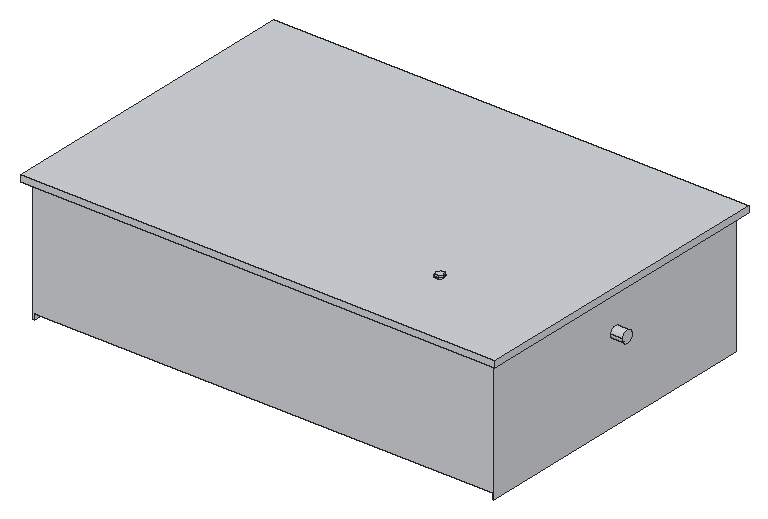
Revit family "MCL-G-L", category Pipe Accessories, Revit 2018
Family settings
  Round Connector Dimension = Use Diameter
  Part Type = Normal
  Work Plane-Based = No
  Always vertical = Yes
  Cut with Voids When Loaded = No
  Shared = No
Parameters (values of type "MCL-G-L-35")
  URL = "WWW.MIFAB.COM"
  Model = "MCL-G-L-35"
  Manufacturer = "MIFAB"
  E-Height = 0' - 10 63/64"
  Description = "LOW ROUGH IN HYDRO MECHANICAL ECONOMY GREASE INTERCEPTOR"
  C-Pipe Offset = 0' - 4 1/64"
  B-Length = 2' - 3 127/128"
  A-Width = 3' - 6 1/128"
Types (3): name | Model | B-Length | A-Width
  (no name) | "MCL-G-L-35" | 2' - 3 127/128" | 3' - 6 1/128"
  MCL-G-L-20 | "MCL-G-L-20" | 2' - 0 1/64" | 2' - 10 1/64"
  MCL-G-L-35 | "MCL-G-L-35" | 2' - 3 127/128" | 3' - 6 1/128"
Reference planes (in)
  plane 1 "Center (Front/Back)": y = 0
  plane 2: z = 0
  plane 3 "Center (Left/Right)": x = 0
  plane 4: x = -21.00391
  plane 5: x = 21.00391
  plane 6: y = 13.99609
  plane 7: y = -13.99609
  plane 8: z = 10.98438
  plane 9: z = 10.47256
  plane 10: z = 10.86626
  plane 11: z = 0.11719
  plane 12: z = 6.96875
  plane 13: x = 21.50391
  plane 14: z = -0.5
  plane 15: y = 13.36617
  plane 16: y = -13.36617
Forms (in)
  Sweep 1, solid
    path origin (0, 0, 0) x (1, 0, 0) y (0, 1, 0)
      loop
        line (21.00391, 13.99609) -> (-21.00391, 13.99609) -> (-21.00391, -13.99609) -> (21.00391, -13.99609) -> (21.00391, 13.99609)
    profile origin (21.00391, 0, 0) x (1, 0, 0) y (0, 0, 1)
      loop
        line (0, 10.98438) -> (-0.74803, 10.98438) -> (-0.74803, 10.47256) -> (0, 10.47256) -> (0, 10.98438)
  Extrusion 2, solid
    sketch origin (0, 0, 0) x (1, 0, 0) y (0, 1, 0)
      loop
        line (-20.25587, 13.24806) -> (-20.25587, -13.24806) -> (20.25587, -13.24806) -> (20.25587, 13.24806) -> (-20.25587, 13.24806)
    from 10.86626 to 10.98438
  Sweep 3, solid
    path origin (0, 0, 0) x (1, 0, 0) y (0, 1, 0)
      loop
        line (21.00391, 13.99609) -> (-21.00391, 13.99609) -> (-21.00391, -13.99609) -> (21.00391, -13.99609) -> (21.00391, 13.99609)
    profile origin (21.00391, 0, 0) x (1, 0, 0) y (0, 0, 1)
      loop
        line (-0.74803, 10.47256) -> (-0.74803, 0) -> (-0.62992, 0) -> (-0.62992, 10.47256) -> (-0.74803, 10.47256)
  Extrusion 4, solid
    sketch origin (0, 0, 0) x (1, 0, 0) y (0, 1, 0)
      loop
        line (-20.25587, 13.24806) -> (-20.25587, -13.24806) -> (20.25587, -13.24806) -> (20.25587, 13.24806) -> (-20.25587, 13.24806)
    from 0 to 0.11719
  Extrusion 5, solid
    sketch origin (0, 0, 0) x (0, 1, 0) y (0, 0, 1)
      loop
        circle (0, 6.96875) r 0.5
    from 20.37398 to 21.50391
  Extrusion 6, void
    sketch origin (-20.37398, -13.36617, 10.47256) x (0, -1, 0) y (0, 0, -1)
      loop
        circle (-13.36617, 3.50381) r 0.5
    from 0 to 0.11811
  Extrusion 7, solid
    sketch origin (0, 0, 0) x (1, 0, 0) y (0, 0, 1)
      loop
        line (20.37398, 0) -> (20.25587, 0) -> (20.25587, -0.5) -> (20.37398, -0.5) -> (20.37398, 0)
    from -13.36617 to 13.36617
  Extrusion 8, solid
    sketch origin (0, 0, 0) x (1, 0, 0) y (0, 0, 1)
      loop
        line (-20.37398, 0) -> (-20.37398, -0.5) -> (-20.25587, -0.5) -> (-20.25587, 0) -> (-20.37398, 0)
    from -13.36617 to 13.36617
Cuts and joins
  joined: Sweep 1, Extrusion 2
  Extrusion 6 cuts Sweep 3
  joined: Sweep 3, Extrusion 4, Extrusion 7, Extrusion 8
Dimensions and locks (in)
  equal spacing: plane 4, plane 3 "Center (Left/Right)", plane 5
  "A-Width": plane 4 to plane 5
  equal spacing: plane 7, plane 1 "Center (Front/Back)", plane 6
  "B-Length": plane 7 to plane 6
  "E-Height": plane 8 to level
  locked: Sweep 1 sketch curve to plane 5 at 0.74803
  locked: plane 8 to plane 9 at 0.51181
  locked: plane 8 to plane 10 at 0.11811
  plane 5 to Sweep 3 sketch curve to Sweep 3 sketch curve = 0' - 0.62992" locked, 0' - 0.11811" locked
  locked: plane 11 to level at 0.11719
  "C-Pipe Offset": plane 8 to plane 12
  locked: plane 5 to plane 13 at 0.5
  locked: level to plane 14 at 0.5
  equal spacing: plane 3 "Center (Left/Right)", nested 1, plane 5
  equal spacing: plane 7, nested 1, plane 1 "Center (Front/Back)"
  locked: plane 16 to plane 7 at 0.62992
  locked: plane 6 to plane 15 at 0.62992
  aligned and locked: level to plane 2
  aligned and locked: plane 5 to Sweep 1 sketch curve
  aligned and locked: Sweep 1 sketch curve to plane 6
  aligned and locked: Sweep 1 sketch curve to plane 4
  aligned and locked: plane 7 to Sweep 1 sketch curve
  aligned and locked: Sweep 1 sketch curve to plane 5
  aligned and locked: Sweep 1 sketch curve to plane 9
  aligned and locked: Extrusion 2 sketch curve to Sweep 1  (x4)
  aligned and locked: plane 8 to Extrusion 2
  aligned and locked: Extrusion 2 to plane 10
  aligned and locked: plane 5 to Sweep 3 sketch curve
  aligned and locked: Sweep 3 sketch curve to plane 6
  aligned and locked: Sweep 3 sketch curve to plane 4
  aligned and locked: plane 7 to Sweep 3 sketch curve
  aligned and locked: cut or joined group of Sweep 1, Extrusion 2 to Sweep 3 sketch curve
  aligned and locked: profile plane to Sweep 3 sketch curve
  aligned and locked: Extrusion 4 sketch curve to cut or joined group of Sweep 1, Extrusion 2  (x4)
  aligned and locked: Extrusion 4 to level
  aligned and locked: Extrusion 4 to plane 11
  aligned and locked: plane 12 to Extrusion 5 sketch curve
  aligned and locked: plane 1 "Center (Front/Back)" to Extrusion 5 sketch curve
  aligned and locked: Extrusion 5 to Sweep 3
  aligned and locked: plane 13 to Extrusion 5
  aligned and locked: plane 12 to Extrusion 6 sketch curve
  aligned and locked: plane 1 "Center (Front/Back)" to Extrusion 6 sketch curve
  aligned and locked: Sweep 3 to Extrusion 6
  aligned and locked: Extrusion 6 to cut or joined group of Sweep 1, Extrusion 2
  aligned and locked: Extrusion 7 sketch curve to Extrusion 4
  aligned and locked: plane 14 to Extrusion 8 sketch curve
  aligned and locked: plane 15 to cut or joined group of Sweep 3, Extrusion 4, Extrusion 6, Extrusion 7, Extrusion 8
  aligned and locked: cut or joined group of Sweep 3, Extrusion 4, Extrusion 6, Extrusion 7, Extrusion 8 to plane 15  (x2)
  aligned and locked: plane 16 to cut or joined group of Sweep 3, Extrusion 4, Extrusion 6, Extrusion 7, Extrusion 8  (x2)
  aligned and locked: plane 8 to nested 1
Automatic sketch dimensions
  plane 9 to Sweep 1 sketch curve = 0' - 0.51181"
  Extrusion 7 sketch curve to level = 0' - 0"
  Extrusion 7 sketch curve to plane 14 = 0' - 0"
  Extrusion 7 sketch curve to Extrusion 7 sketch curve = 0' - 0.11811"
  Extrusion 8 sketch curve to level = 0' - 0"
  plane 4 to Extrusion 8 sketch curve = 0' - 0.62992"
  Extrusion 8 sketch curve to Extrusion 8 sketch curve = 0' - 0.11811"
  radius of Extrusion 5 sketch curve = 0' - 0 1/2"
  radius of Extrusion 6 sketch curve = 0' - 0 1/2"
Nested families (in)
  nested 1: "Bolt-01" at (10.50195, -7.99805, 9.7023), type "M20"
Connectors (in)
  piping at (21.50391, 0, 6.96875), diameter 1
    settings: on Extrusion 5, index 1, connector inside diameter 609.6 mm, connector length 0' - 0", flow factor 0, pipe flow 0.0 L/s, pressure drop 0.0 Pa, fitting loss kfactor 0, connector angle 0.00°, fixture units 0, engagement length 0' - 0", angle of deflection 0.00°, flow configuration 0, flow direction 2, fitting loss method 0, system type 16, joint type 0, gender type 0, connector reference index -1, connector utility 0, adjustable connector no, is connector primary yes, connector description ""
  piping at (-20.37398, 0, 6.96875), diameter 1
    settings: on cut or joined group of Sweep 3, Extrusion 4, Extrusion 6, Extrusion 7, Extrusion 8, index 2, connector inside diameter 609.6 mm, connector length 0' - 0", flow factor 0, pipe flow 0.0 L/s, pressure drop 0.0 Pa, fitting loss kfactor 0, connector angle 0.00°, fixture units 0, engagement length 0' - 0", angle of deflection 0.00°, flow configuration 0, flow direction 1, fitting loss method 0, system type 16, joint type 0, gender type 0, connector reference index -1, connector utility 0, adjustable connector no, is connector primary no, connector description ""
Definition of nested family "Bolt-01"
  Parameters (values of type "M20")
    r = D / 2  # 0' - 0.3937"
    T = 0' - 1.37795"
    L = 0' - 1"
    HN = 0' - 0.73622"
    H = 0' - 0.4685"
    F = 0' - 1.25197"
    D = 0' - 0.7874"
    Assembly Code = ""
  Types (10): name | r | T | HN | H | F | D
    M20 | 0' - 0.3937" | 0' - 1.37795" | 0' - 0.73622" | 0' - 0.4685" | 0' - 1.25197" | 0' - 0.7874"
    M22 | 0' - 0.43307" | 0' - 1 1/2" | 0' - 0.85827" | 0' - 0.54724" | 0' - 1.43701" | 0' - 0.86614"
    M16 | 0' - 0.31496" | 0' - 1.25197" | 0' - 0.61024" | 0' - 0.38976" | 0' - 1.06299" | 0' - 0.62992"
    M12 | 0' - 0.23622" | 0' - 1" | 0' - 0.48425" | 0' - 0.31102" | 0' - 0.87402" | 0' - 0.47244"
    M24 | 0' - 0.47244" | 0' - 1.62598" | 0' - 0.98425" | 0' - 0.61024" | 0' - 1.62598" | 0' - 0.94488"
    M33 | 0' - 0.64961" | 0' - 2.25197" | 0' - 0.84252" | 0' - 0.84252" | 0' - 2.18898" | 0' - 1.29921"
    M27 | 0' - 0.5315" | 0' - 2" | 0' - 1.11024" | 0' - 0.68898" | 0' - 1.81102" | 0' - 1.06299"
    M30 | 0' - 0.59055" | 0' - 2" | 0' - 1.22047" | 0' - 0.77953" | 0' - 2" | 0' - 1.1811"
    M36 | 0' - 0.70866" | 0' - 2.25197" | 0' - 1.4685" | 0' - 0.93701" | 0' - 2.37402" | 0' - 1.41732"
    M14 | 0' - 0.27559" | 0' - 1.25197" | 0' - 0.61024" | 0' - 0.38976" | 0' - 1.06299" | 0' - 0.55118"
  Reference planes (in)
    plane 1: z = 0
    plane 2 "Center (Left/Right)": x = 0
    plane 3: y = 1
    plane 4: x = -0.62598
    plane 5: x = 0.62598
    plane 6: y = 0.68504
    plane 7: y = 1.31496
    plane 8: z = 1.50465
    plane 9: z = 1.28208
    plane 10: z = 1.32017
  Forms (in)
    Extrusion 1, solid
      sketch origin (0, 1, 2.37795) x (1, 0, 0) y (0, 1, 0)
        loop
          circle (0, 0) r 0.17717
      from -2.37795 to -1.09587
    Extrusion 2, solid
      sketch origin (0, 1, 2.37795) x (1, 0, 0) y (0, 1, 0)
        loop
          line (-0.18184, -0.31496) -> (0.18184, -0.31496) -> (0.36369, 0) -> (0.18184, 0.31496) -> (-0.18184, 0.31496) -> (-0.36369, 0) -> (-0.18184, -0.31496)
      from -1.05778 to -0.8733
    Extrusion 3, solid
      sketch origin (0, 0, 0) x (1, 0, 0) y (0, 1, 0)
        loop
          circle (0, 1) r 0.3937
      from 1.28208 to 1.32017
  Dimensions and locks (in)
    "F": plane 5 to plane 4
    equal spacing: plane 7, plane 3, plane 6
    plane 8 to plane 1 = 0' - 1.50465"
    locked: plane 8 to plane 9 at 0.22257
    locked: plane 10 to plane 9 at 0.03809
    aligned and locked: Extrusion 3 to Extrusion 2
    aligned and locked: Extrusion 1 to Extrusion 3
    aligned and locked: Extrusion 1 to level
    aligned and locked: plane 9 to Extrusion 3
    aligned and locked: plane 10 to Extrusion 3
    aligned and locked: Extrusion 2 to plane 10
    aligned and locked: plane 8 to Extrusion 2
  Automatic sketch dimensions
    Extrusion 2 sketch curve to plane 3 = 0' - 0"  (x2)
    plane 6 to Extrusion 2 sketch curve = 0' - 0"
    Extrusion 2 sketch curve to plane 7 = 0' - 0"
    plane 4 to Extrusion 2 sketch curve = 0' - 0.2623"
    Extrusion 2 sketch curve to plane 2 "Center (Left/Right)" = 0' - 0.18184"  (x2)
    plane 2 "Center (Left/Right)" to Extrusion 2 sketch curve = 0' - 0.18184"  (x2)
    Extrusion 2 sketch curve to plane 5 = 0' - 0.2623"
    Extrusion 3 sketch curve to plane 2 "Center (Left/Right)" = 0' - 0"
    Extrusion 3 sketch curve to plane 3 = 0' - 0"
    Extrusion 1 sketch curve to plane 2 "Center (Left/Right)" = 0' - 0"
    Extrusion 1 sketch curve to plane 3 = 0' - 0"
    radius of Extrusion 3 sketch curve = 0' - 0.3937"
    radius of Extrusion 1 sketch curve = 0' - 0.17717"
